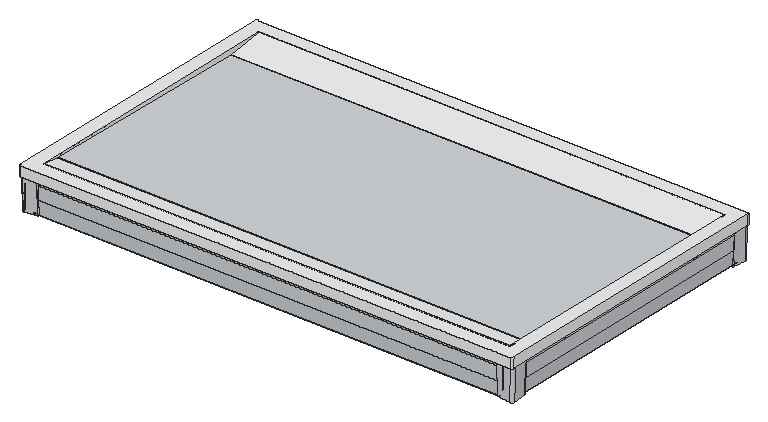
Revit family "WIA", category Plumbing Fixtures, Revit 2015
Parameters (values of type "900x1500")
  Water flow rate = 0.63 L/s
  Shower base = shower base : 900x1500
  Outlet pipe nominal diameter = 50 mm
  Model = "WIA"
  B = 1500 mm
  URL = "www.sanswiss.com"
  Type Comments = "ILA"
  Number of elements = 0
  Metal = Aluminum - Polished
  Manufacturer = "SanSwiss"
  A = 900 mm
  Glass = Glass
Types (10, lengths in mm): name | Shower base | B | A
  900x900 | shower base : 900x900 | 900 | 900
  800x900 | shower base : 800x900 | 900 | 800
  800x1200 | shower base : 800x1200 | 1200 | 800
  800x1000 | shower base : 800x1000 | 1000 | 800
  900x1400 | shower base : 900x1400 | 1400 | 900
  900x1200 | shower base : 900x1200 | 1200 | 900
  900x1000 | shower base : 900x1000 | 1000 | 900
  900x1600 | shower base : 900x1600 | 1600 | 900
  900x800 | shower base : 900x800 | 800 | 900
  900x1500 | shower base : 900x1500 | 1500 | 900
Reference planes
  plane 1 "Center (Front/Back)": y = 0
  plane 2: z = 0
  plane 3 "Center (Left/Right)": x = 0
  plane 4: x = 1500
  plane 5: y = 900
  plane 6: x = 750
  plane 7: y = 450
  plane 8: z = 101
  plane 9: x = 0.639
  plane 10: y = 897.06
  plane 11: x = 1499.361
  plane 12: y = 897.06
  plane 13: x = 0.639
  plane 14: y = 2.94
  plane 15: x = 1499.361
  plane 16: y = 2.94
  plane 17: x = 1448.47
  plane 18: y = 47.824
  plane 19: x = 51.53
  plane 20: y = 47.824
  plane 21: x = 1448.47
  plane 22: y = 852.176
  plane 23: x = 51.53
  plane 24: y = 852.176
  plane 25: y = 19.83
  plane 26: x = 1466.869
  plane 27: x = 31.869
  plane 28: x = 1466.869
  plane 29: x = 31.869
  plane 30: y = 866.869
  plane 31: y = 34.4
  plane 32: y = 866.869
  plane 33: y = 34.4
  plane 34: y = 888.4
  plane 35: y = 11.6
  plane 36: x = 1488.4
  plane 37: x = 888.4
  plane 38: y = 212.5
  plane 39: y = 709.595
  plane 40: x = 1494.464
  plane 41: x = 188.321
  plane 42: x = 1285.417
  plane 43: y = 6
  plane 44: y = 691.048
Forms (mm)
  Sweep 1, solid
    path origin (103.021, 52.906, 6) x (0, -1, 0) y (1, 0, 0)
      loop
        line (41.306, -71.152) -> (41.306, 1363.848)
    profile origin (749.369, 11.6, 6) x (0, 1, 0) y (0, 0, 1)
      loop
        spline (0.431, -0.006) -> (0.955, 0.054) -> (1.294, 0.212) -> (1.481, 0.439) -> (1.55, 0.702) -> (1.528, 0.971) -> (1.424, 1.215) -> (1.247, 1.405) -> (1.003, 1.51) -> (0.707, 1.52) -> (0.405, 1.52) -> (0.151, 1.623) -> (0, 1.939)
        line (0, 1.939) -> (-2.751, 29.579)
        arc (-2.751, 29.579) -> (-2.407, 31.877) -> (-3.101, 34.096) r 5.188
        line (-3.101, 34.096) -> (-4.562, 61.304)
        arc (-4.562, 61.304) -> (-4.122, 63.62) -> (-4.697, 65.906) r 5.47
        line (-4.697, 65.906) -> (-5.041, 92.482)
        spline (-5.041, 92.482) -> (-5.049, 92.653) -> (-5.052, 92.805) -> (-5.049, 92.939) -> (-5.039, 93.056) -> (-5.02, 93.157) -> (-4.993, 93.243) -> (-4.954, 93.315) -> (-4.903, 93.374) -> (-4.839, 93.42) -> (-4.761, 93.455) -> (-4.667, 93.479) -> (-4.556, 93.494)
        line (-4.556, 93.494) -> (-0.657, 93.494)
        arc (-0.657, 93.494) -> (3.714, 92.725) -> (8.066, 93.595) r 12.009
        arc (8.066, 93.595) -> (8.483, 94.577) -> (7.502, 94.994) r 0.754
        arc (7.502, 94.994) -> (3.521, 94.221) -> (-0.459, 94.994) r 10.643
        line (-0.459, 94.994) -> (-5.475, 94.994)
        arc (-5.475, 94.994) -> (-6.169, 94.707) -> (-6.456, 94.013) r 0.981
        line (-6.456, 94.013) -> (-6.456, 84.994) -> (-5.212, 43.292) -> (-1.491, 1.762)
        spline (-1.491, 1.762) -> (-1.454, 1.534) -> (-1.387, 1.312) -> (-1.293, 1.098) -> (-1.173, 0.895) -> (-1.031, 0.706) -> (-0.868, 0.533) -> (-0.686, 0.38) -> (-0.487, 0.248) -> (-0.274, 0.141) -> (-0.049, 0.061) -> (0.187, 0.011) -> (0.431, -0.006)
  Sweep 2, solid
    path origin (847.094, 3.021, 6) x (1, 0, 0) y (0, 1, 0)
      loop
        line (641.306, 31.379) -> (641.306, 863.848)
    profile origin (1488.4, 450.635, 6) x (-1, 0, 0) y (0, 0, 1)
      loop
        spline (0.431, -0.006) -> (0.955, 0.054) -> (1.294, 0.212) -> (1.481, 0.439) -> (1.55, 0.702) -> (1.528, 0.971) -> (1.424, 1.215) -> (1.247, 1.405) -> (1.003, 1.51) -> (0.707, 1.52) -> (0.405, 1.52) -> (0.151, 1.623) -> (0, 1.939)
        line (0, 1.939) -> (-2.751, 29.579)
        arc (-2.751, 29.579) -> (-2.407, 31.877) -> (-3.101, 34.096) r 5.188
        line (-3.101, 34.096) -> (-4.562, 61.304)
        arc (-4.562, 61.304) -> (-4.122, 63.62) -> (-4.697, 65.906) r 5.47
        line (-4.697, 65.906) -> (-5.041, 92.482)
        spline (-5.041, 92.482) -> (-5.049, 92.653) -> (-5.052, 92.805) -> (-5.049, 92.939) -> (-5.039, 93.056) -> (-5.02, 93.157) -> (-4.993, 93.243) -> (-4.954, 93.315) -> (-4.903, 93.374) -> (-4.839, 93.42) -> (-4.761, 93.455) -> (-4.667, 93.479) -> (-4.556, 93.494)
        line (-4.556, 93.494) -> (-0.657, 93.494)
        arc (-0.657, 93.494) -> (3.714, 92.725) -> (8.066, 93.595) r 12.009
        arc (8.066, 93.595) -> (8.483, 94.577) -> (7.502, 94.994) r 0.754
        arc (7.502, 94.994) -> (3.521, 94.221) -> (-0.459, 94.994) r 10.643
        line (-0.459, 94.994) -> (-5.475, 94.994)
        arc (-5.475, 94.994) -> (-6.169, 94.707) -> (-6.456, 94.013) r 0.981
        line (-6.456, 94.013) -> (-6.456, 84.994) -> (-5.212, 43.292) -> (-1.491, 1.762)
        spline (-1.491, 1.762) -> (-1.454, 1.534) -> (-1.387, 1.312) -> (-1.293, 1.098) -> (-1.173, 0.895) -> (-1.031, 0.706) -> (-0.868, 0.533) -> (-0.686, 0.38) -> (-0.487, 0.248) -> (-0.274, 0.141) -> (-0.049, 0.061) -> (0.187, 0.011) -> (0.431, -0.006)
  Sweep 3, solid
    path origin (52.906, 3.021, 6) x (1, 0, 0) y (0, 1, 0)
      loop
        line (-41.344, 31.379) -> (-41.344, 863.848)
    profile origin (11.562, 450.635, 6) x (-1, 0, 0) y (0, 0, 1)
      loop
        spline (-0.431, -0.006) -> (-0.187, 0.011) -> (0.049, 0.061) -> (0.274, 0.141) -> (0.487, 0.248) -> (0.686, 0.38) -> (0.868, 0.533) -> (1.031, 0.706) -> (1.173, 0.895) -> (1.293, 1.098) -> (1.387, 1.312) -> (1.454, 1.534) -> (1.491, 1.762)
        line (1.491, 1.762) -> (5.212, 43.292) -> (6.456, 84.994) -> (6.456, 94.013)
        arc (6.456, 94.013) -> (6.169, 94.707) -> (5.475, 94.994) r 0.981
        line (5.475, 94.994) -> (0.459, 94.994)
        arc (0.459, 94.994) -> (-3.521, 94.221) -> (-7.502, 94.994) r 10.643
        arc (-7.502, 94.994) -> (-8.483, 94.577) -> (-8.066, 93.595) r 0.754
        arc (-8.066, 93.595) -> (-3.714, 92.725) -> (0.657, 93.494) r 12.009
        line (0.657, 93.494) -> (4.556, 93.494)
        spline (4.556, 93.494) -> (4.667, 93.479) -> (4.761, 93.455) -> (4.839, 93.42) -> (4.903, 93.374) -> (4.954, 93.315) -> (4.993, 93.243) -> (5.02, 93.157) -> (5.039, 93.056) -> (5.049, 92.939) -> (5.052, 92.805) -> (5.049, 92.653) -> (5.041, 92.482)
        line (5.041, 92.482) -> (4.697, 65.906)
        arc (4.697, 65.906) -> (4.122, 63.62) -> (4.562, 61.304) r 5.47
        line (4.562, 61.304) -> (3.101, 34.096)
        arc (3.101, 34.096) -> (2.407, 31.877) -> (2.751, 29.579) r 5.188
        line (2.751, 29.579) -> (0, 1.939)
        spline (0, 1.939) -> (-0.151, 1.623) -> (-0.405, 1.52) -> (-0.707, 1.52) -> (-1.003, 1.51) -> (-1.247, 1.405) -> (-1.424, 1.215) -> (-1.528, 0.971) -> (-1.55, 0.702) -> (-1.481, 0.439) -> (-1.294, 0.212) -> (-0.955, 0.054) -> (-0.431, -0.006)
Dimensions and locks
  "A": plane 1 "Center (Front/Back)" to plane 5
  "B": plane 3 "Center (Left/Right)" to plane 4
  equal spacing: plane 3 "Center (Left/Right)", plane 6, plane 4
  equal spacing: plane 1 "Center (Front/Back)", plane 7, plane 5
  locked: plane 10 to plane 5 at 2.94
  locked: plane 3 "Center (Left/Right)" to plane 9 at 0.639
  locked: plane 12 to plane 5 at 2.94
  locked: plane 11 to plane 4 at 0.639
  locked: plane 3 "Center (Left/Right)" to plane 13 at 0.639
  locked: plane 1 "Center (Front/Back)" to plane 14 at 2.94
  locked: plane 1 "Center (Front/Back)" to plane 16 at 2.94
  locked: plane 15 to plane 4 at 0.639
  locked: plane 17 to plane 4 at 51.53
  locked: plane 1 "Center (Front/Back)" to plane 18 at 47.824
  locked: plane 19 to plane 3 "Center (Left/Right)" at 51.53
  locked: plane 1 "Center (Front/Back)" to plane 20 at 47.824
  locked: plane 21 to plane 4 at 51.53
  locked: plane 5 to plane 22 at 47.824
  locked: plane 23 to plane 3 "Center (Left/Right)" at 51.53
  locked: plane 5 to plane 24 at 47.824
  locked: plane 26 to plane 4 at 33.131
  locked: plane 3 "Center (Left/Right)" to plane 27 at 31.869
  locked: plane 28 to plane 4 at 33.131
  locked: plane 3 "Center (Left/Right)" to plane 29 at 31.869
  locked: plane 30 to plane 5 at 33.131
  locked: plane 1 "Center (Front/Back)" to plane 31 at 34.4
  locked: plane 32 to plane 5 at 33.131
  locked: plane 1 "Center (Front/Back)" to plane 33 at 34.4
  locked: plane 34 to plane 5 at 11.6
  locked: plane 1 "Center (Front/Back)" to plane 35 at 11.6
  locked: plane 36 to plane 4 at 11.6
  locked: plane 40 to plane 4 at 5.536
  locked: plane 5 to plane 39 at 190.405
  locked: plane 38 to plane 1 "Center (Front/Back)" at 212.5
  locked: plane 1 "Center (Front/Back)" to plane 43 at 6
  locked: plane 3 "Center (Left/Right)" to plane 41 at 188.321
  locked: plane 42 to plane 4 at 214.583
  locked: plane 44 to plane 5 at 208.952
  locked: nested 13 to plane 4 at 58.409
  locked: nested 12 to plane 4 at 58.409
  aligned and locked: level to plane 2
  aligned and locked: plane 3 "Center (Left/Right)" to nested 1
  aligned and locked: plane 1 "Center (Front/Back)" to nested 1
  aligned and locked: nested 1 to plane 8
  aligned and locked: plane 6 to nested 2
  aligned and locked: nested 2 to plane 7
  aligned and locked: plane 6 to nested 3
  aligned and locked: plane 9 to nested 4
  aligned and locked: plane 10 to nested 4
  aligned and locked: plane 11 to nested 5
  aligned and locked: nested 5 to plane 12
  aligned and locked: nested 6 to plane 14
  aligned and locked: nested 6 to plane 13
  aligned and locked: nested 7 to plane 15
  aligned and locked: nested 7 to plane 16
  aligned and locked: plane 17 to nested 8
  aligned and locked: plane 18 to nested 8
  aligned and locked: nested 9 to plane 19
  aligned and locked: nested 9 to plane 20
  aligned and locked: nested 10 to plane 21
  aligned and locked: plane 22 to nested 10
  aligned and locked: nested 11 to plane 23
  aligned and locked: nested 11 to plane 24
  aligned and locked: plane 29 to Sweep 1 sketch curve
  aligned and locked: plane 28 to Sweep 1 sketch curve
  aligned and locked: plane 31 to Sweep 2 sketch curve
  aligned and locked: plane 30 to Sweep 2 sketch curve
  aligned and locked: plane 33 to Sweep 3 sketch curve
  aligned and locked: plane 32 to Sweep 3 sketch curve
  aligned and locked: Sweep 1 sketch curve to plane 35
  aligned and locked: Sweep 2 sketch curve to plane 36
  aligned and locked: nested 13 to plane 38
  aligned and locked: nested 12 to plane 39
  aligned and locked: nested 15 to plane 41
  aligned and locked: plane 43 to nested 15
  aligned and locked: nested 14 to plane 42
  aligned and locked: plane 43 to nested 14
  aligned and locked: plane 44 to nested 3
Automatic sketch dimensions
  Sweep 1 sketch curve to profile plane = 0 mm
  profile plane to Sweep 1 sketch curve = 0.459 mm
  profile plane to Sweep 1 sketch curve = 0.657 mm
  profile plane to Sweep 1 sketch curve = 1.491 mm
  profile plane to Sweep 1 sketch curve = 2.751 mm
  profile plane to Sweep 1 sketch curve = 3.101 mm
  Sweep 1 sketch curve to Sweep 1 sketch curve = 3.899 mm
  profile plane to Sweep 1 sketch curve = 4.562 mm
  Sweep 1 sketch curve to Sweep 1 sketch curve = 0.135 mm
  Sweep 1 sketch curve to Sweep 1 sketch curve = 0.485 mm
  profile plane to Sweep 1 sketch curve = 5.212 mm
  Sweep 1 sketch curve to Sweep 1 sketch curve = 0.919 mm
  profile plane to Sweep 1 sketch curve = 6.456 mm
  Sweep 1 sketch curve to Sweep 1 sketch curve = 4.478 mm
  Sweep 1 sketch curve to Sweep 1 sketch curve = 4.892 mm
  Sweep 1 sketch curve to profile plane = 0.006 mm
  Sweep 1 sketch curve to profile plane = 0.431 mm
  Sweep 1 sketch curve to profile plane = 3.521 mm
  Sweep 1 sketch curve to Sweep 1 sketch curve = 0.053 mm
  Sweep 1 sketch curve to profile plane = 7.784 mm
  profile plane to Sweep 1 sketch curve = 1.762 mm
  Sweep 1 sketch curve to Sweep 1 sketch curve = 0.177 mm
  Sweep 1 sketch curve to Sweep 1 sketch curve = 27.64 mm
  Sweep 1 sketch curve to Sweep 1 sketch curve = 1.898 mm
  Sweep 1 sketch curve to Sweep 1 sketch curve = 9.196 mm
  Sweep 1 sketch curve to Sweep 1 sketch curve = 18.012 mm
  Sweep 1 sketch curve to Sweep 1 sketch curve = 2.155 mm
  Sweep 1 sketch curve to Sweep 1 sketch curve = 19.088 mm
  Sweep 1 sketch curve to Sweep 1 sketch curve = 7.488 mm
  Sweep 1 sketch curve to Sweep 1 sketch curve = 1.012 mm
  Sweep 1 sketch curve to Sweep 1 sketch curve = 0.519 mm
  Sweep 1 sketch curve to Sweep 1 sketch curve = 0.699 mm
  Sweep 1 sketch curve to Sweep 1 sketch curve = 9.739 mm
  Sweep 1 sketch curve to Sweep 1 sketch curve = 0.132 mm
  Sweep 1 sketch curve to Sweep 1 sketch curve = 0 mm
  Sweep 2 sketch curve to profile plane = 0 mm
  profile plane to Sweep 2 sketch curve = 0.459 mm
  profile plane to Sweep 2 sketch curve = 0.657 mm
  profile plane to Sweep 2 sketch curve = 1.491 mm
  profile plane to Sweep 2 sketch curve = 2.751 mm
  profile plane to Sweep 2 sketch curve = 3.101 mm
  Sweep 2 sketch curve to Sweep 2 sketch curve = 3.899 mm
  profile plane to Sweep 2 sketch curve = 4.562 mm
  Sweep 2 sketch curve to Sweep 2 sketch curve = 0.135 mm
  Sweep 2 sketch curve to Sweep 2 sketch curve = 0.485 mm
  profile plane to Sweep 2 sketch curve = 5.212 mm
  Sweep 2 sketch curve to Sweep 2 sketch curve = 0.919 mm
  profile plane to Sweep 2 sketch curve = 6.456 mm
  Sweep 2 sketch curve to Sweep 2 sketch curve = 4.478 mm
  Sweep 2 sketch curve to Sweep 2 sketch curve = 4.892 mm
  Sweep 2 sketch curve to profile plane = 0.006 mm
  Sweep 2 sketch curve to profile plane = 0.431 mm
  Sweep 2 sketch curve to profile plane = 3.521 mm
  Sweep 2 sketch curve to Sweep 2 sketch curve = 0.053 mm
  Sweep 2 sketch curve to profile plane = 7.784 mm
  profile plane to Sweep 2 sketch curve = 1.762 mm
  Sweep 2 sketch curve to Sweep 2 sketch curve = 0.177 mm
  Sweep 2 sketch curve to Sweep 2 sketch curve = 27.64 mm
  Sweep 2 sketch curve to Sweep 2 sketch curve = 1.898 mm
  Sweep 2 sketch curve to Sweep 2 sketch curve = 9.196 mm
  Sweep 2 sketch curve to Sweep 2 sketch curve = 18.012 mm
  Sweep 2 sketch curve to Sweep 2 sketch curve = 2.155 mm
  Sweep 2 sketch curve to Sweep 2 sketch curve = 19.088 mm
  Sweep 2 sketch curve to Sweep 2 sketch curve = 7.488 mm
  Sweep 2 sketch curve to Sweep 2 sketch curve = 1.012 mm
  Sweep 2 sketch curve to Sweep 2 sketch curve = 0.519 mm
  Sweep 2 sketch curve to Sweep 2 sketch curve = 0.699 mm
  Sweep 2 sketch curve to Sweep 2 sketch curve = 9.739 mm
  Sweep 2 sketch curve to Sweep 2 sketch curve = 0.132 mm
  Sweep 2 sketch curve to Sweep 2 sketch curve = 0 mm
  Sweep 3 sketch curve to profile plane = 0 mm
  Sweep 3 sketch curve to profile plane = 0.006 mm
  profile plane to Sweep 3 sketch curve = 0.431 mm
  profile plane to Sweep 3 sketch curve = 3.521 mm
  Sweep 3 sketch curve to Sweep 3 sketch curve = 0.053 mm
  profile plane to Sweep 3 sketch curve = 7.784 mm
  Sweep 3 sketch curve to profile plane = 0.459 mm
  Sweep 3 sketch curve to profile plane = 0.657 mm
  Sweep 3 sketch curve to profile plane = 1.491 mm
  Sweep 3 sketch curve to profile plane = 2.751 mm
  Sweep 3 sketch curve to profile plane = 3.101 mm
  Sweep 3 sketch curve to Sweep 3 sketch curve = 3.899 mm
  Sweep 3 sketch curve to profile plane = 4.562 mm
  Sweep 3 sketch curve to Sweep 3 sketch curve = 0.135 mm
  Sweep 3 sketch curve to Sweep 3 sketch curve = 0.485 mm
  Sweep 3 sketch curve to profile plane = 5.212 mm
  Sweep 3 sketch curve to Sweep 3 sketch curve = 0.919 mm
  Sweep 3 sketch curve to Sweep 3 sketch curve = 0.981 mm
  Sweep 3 sketch curve to Sweep 3 sketch curve = 4.478 mm
  Sweep 3 sketch curve to Sweep 3 sketch curve = 4.892 mm
  profile plane to Sweep 3 sketch curve = 1.762 mm
  Sweep 3 sketch curve to Sweep 3 sketch curve = 0.177 mm
  Sweep 3 sketch curve to Sweep 3 sketch curve = 27.64 mm
  Sweep 3 sketch curve to Sweep 3 sketch curve = 1.898 mm
  Sweep 3 sketch curve to Sweep 3 sketch curve = 9.196 mm
  Sweep 3 sketch curve to Sweep 3 sketch curve = 18.012 mm
  Sweep 3 sketch curve to Sweep 3 sketch curve = 2.155 mm
  Sweep 3 sketch curve to Sweep 3 sketch curve = 19.088 mm
  Sweep 3 sketch curve to Sweep 3 sketch curve = 7.488 mm
  Sweep 3 sketch curve to Sweep 3 sketch curve = 1.012 mm
  Sweep 3 sketch curve to Sweep 3 sketch curve = 0.519 mm
  Sweep 3 sketch curve to Sweep 3 sketch curve = 0.699 mm
  Sweep 3 sketch curve to Sweep 3 sketch curve = 9.739 mm
  Sweep 3 sketch curve to Sweep 3 sketch curve = 0.132 mm
  Sweep 3 sketch curve to Sweep 3 sketch curve = 0 mm
  Sweep 3 sketch curve to plane 9 = 10.923 mm
Nested families
  nested 1: "shower base" at (0, 0, 101), type <- "Shower base", type "900x1500"
  nested 2: "ILA_leg" at (750, 450, 0), type "ILA_leg"
  nested 3: "Syfon" at (750, 691.048, 66.241), type "Syfon"
  nested 4: "Corner" at (0.639, 897.06, 101), type "Corner"
  nested 5: "Corner" at (1499.361, 897.06, 101) x (-1, 0, 0) z (0, 0, 1), type "Corner"
  nested 6: "Corner" at (0.639, 2.94, 101), type "Corner"
  nested 7: "Corner" at (1499.361, 2.94, 101) x (-1, 0, 0) z (0, 0, 1), type "Corner"
  nested 8: "ILA_leg_45" at (1448.47, 47.824, 0), type "ILA_leg_45"
  nested 9: "ILA_leg_45" at (51.53, 47.824, 0) x (-1, 0, 0) z (0, 0, 1), type "ILA_leg_45"
  nested 10: "ILA_leg_45" at (1448.47, 852.176, 0), type "ILA_leg_45"
  nested 11: "ILA_leg_45" at (51.53, 852.176, 0) x (-1, 0, 0) z (0, 0, 1), type "ILA_leg_45"
  nested 12: "Hook" at (1441.591, 684.595, 101), type "Hook"
  nested 13: "Hook" at (1441.591, 187.5, 101), type "Hook"
  nested 14: "Hook" at (1285.417, 58.687, 101) x (0, -1, 0) z (0, 0, 1), type "Hook"
  nested 15: "Hook" at (188.321, 58.687, 101) x (0, -1, 0) z (0, 0, 1), type "Hook"
Connectors
  piping at (750, 691.048, 49.861), diameter 50, driven by "Water flow rate", driven by "Outlet pipe nominal diameter"
    settings: on nested 3, index 1, connector inside diameter 609.6 mm, connector length 0 mm, flow factor 0, pipe flow 0.63 L/s, pressure drop 0.0 Pa, fitting loss kfactor 0, connector angle 0.00°, fixture units 0, engagement length 0 mm, angle of deflection 0.00°, flow configuration 1, flow direction 2, fitting loss method 0, system type 16, joint type 0, gender type 0, connector reference index -1, connector utility 0, adjustable connector yes, is connector primary yes, connector description ""
Definition of nested family "shower base"
  Parameters (values of type "900x1500")
    Model = ""
    B = 1500 mm
    URL = "www.sanswiss.com"
    Type Comments = "ILA"
    Number of elements = 0
    Metal = none
    Manufacturer = "SanSwiss"
    A = 900 mm
    Glass = none
    Base Height = 30 mm
    Conglomerate = none
  Types (10, lengths in mm): name | Model | B | Type Comments | A | Base Height
    900x900 | "shower base" | 900 | "CONCEPT OPTIMA" | 900 | 35
    800x900 | "" | 900 | "ILA" | 800 | 30
    800x1200 | "shower base" | 1200 | "CONCEPT OPTIMA" | 800 | 35
    800x1000 | "shower base" | 1000 | "CONCEPT OPTIMA" | 800 | 35
    900x1400 | "shower base" | 1400 | "CONCEPT OPTIMA" | 900 | 35
    900x1200 | "shower base" | 1200 | "CONCEPT OPTIMA" | 900 | 35
    900x1000 | "shower base" | 1000 | "CONCEPT OPTIMA" | 900 | 35
    900x1600 | "shower base" | 1600 | "CONCEPT OPTIMA" | 900 | 35
    900x800 | "shower base" | 800 | "CONCEPT OPTIMA" | 900 | 35
    900x1500 | "" | 1500 | "ILA" | 900 | 30
  Reference planes
    plane 1 "Center (Front/Back)": y = 0
    plane 2: z = 0
    plane 3 "Center (Left/Right)": x = 0
    plane 4: x = 1500
    plane 5: y = 900
    plane 6: x = 41
    plane 7: x = 1459
    plane 8: y = 859
    plane 9: y = 41
    plane 10: y = 90.922
    plane 11: y = 752.047
    plane 12: z = 25
    plane 13: z = 15
  Forms (mm)
    Sweep 1, solid, material <- "Metal"
      path origin (0, 0, 0) x (1, 0, 0) y (0, 0, 1)
        loop
          line (0, 0) -> (0, 30)
      profile origin (0, 0, 15) x (-1, 0, 0) y (0, -1, 0)
        loop
          line (-1495.003, -900) -> (-4.997, -900)
          arc (-4.997, -900) -> (-1.464, -898.536) -> (0, -895.003) r 4.997
          line (0, -895.003) -> (0, -4.997)
          arc (0, -4.997) -> (-1.464, -1.464) -> (-4.997, 0) r 4.997
          line (-4.997, 0) -> (-1495.411, 0)
          arc (-1495.411, 0) -> (-1498.678, -1.599) -> (-1500, -4.988) r 5.005
          line (-1500, -4.988) -> (-1500, -895.003)
          arc (-1500, -895.003) -> (-1498.536, -898.536) -> (-1495.003, -900) r 4.997
    Sweep 2, void
      path origin (0, 0, 0) x (1, 0, 0) y (0, 0, 1)
        loop
          line (41, 85) -> (41, 5)
      profile origin (41, 0, 45) x (0, -1, 0) y (1, 0, 0)
        loop
          line (-859, 0) -> (-41, 0) -> (-41, 1418) -> (-859, 1418) -> (-859, 0)
    Extrusion 3, solid, material <- "Metal"
      sketch origin (0, 0, 0) x (0, 1, 0) y (0, 0, 1)
        loop
          line (41, 30) -> (41, 5) -> (90.922, 5) -> (90.922, 25) -> (41, 30)
      from 41 to 1459
    Sweep 4, solid, material <- "Metal"
      path origin (0, 0, 1000.61) x (-1, 0, 0) y (0, -1, 0)
        loop
          line (-41, -752.047) -> (-1459, -752.047)
      profile origin (750, 752.047, 1000.61) x (0, 1, 0) y (0, 0, 1)
        loop
          line (0, -985.61) -> (0, -995.61) -> (105, -995.61) -> (105, -970.61) -> (0, -985.61)
    SweptBlend 5, solid, material <- "Conglomerate"
      path origin (0, 0, 1000.61) x (-1, 0, 0) y (0, -1, 0)
        loop
          line (-41, -752.047) -> (-41, -90.922)
      profile origin (41, 752.047, 1000.61) x (1, 0, 0) y (0, 0, 1)
        loop
          line (0, -985.61) -> (0, -1000.61) -> (1418, -1000.61) -> (1418, -985.61) -> (0, -985.61)
      end profile origin (41, 90.922, 1000.61) x (1, 0, 0) y (0, 0, 1)
        loop
          line (0, -975.61) -> (0, -1000.61) -> (1418, -1000.61) -> (1418, -975.61) -> (0, -975.61)
  Cuts and joins
    Sweep 2 cuts Sweep 1
  Dimensions and locks
    locked: plane 3 "Center (Left/Right)" to plane 6 at 41
    locked: plane 7 to plane 4 at 41
    locked: plane 1 "Center (Front/Back)" to plane 9 at 41
    locked: plane 8 to plane 5 at 41
    locked: plane 1 "Center (Front/Back)" to plane 10 at 90.922
    locked: plane 11 to plane 5 at 147.953
    plane 12 to level = 25 mm
    plane 13 to level = 15 mm
    "B": plane 3 "Center (Left/Right)" to plane 4
    "A": plane 1 "Center (Front/Back)" to plane 5
    "Base Height": Sweep 1 sketch curve to Sweep 1 sketch curve
    aligned and locked: level to plane 2
    aligned and locked: plane 4 to Sweep 1 sketch curve
    aligned and locked: plane 3 "Center (Left/Right)" to Sweep 1 sketch curve
    aligned and locked: Sweep 1 sketch curve to plane 5
    aligned and locked: Sweep 1 sketch curve to plane 1 "Center (Front/Back)"
    aligned and locked: Sweep 2 sketch curve to plane 7
    aligned and locked: Sweep 2 sketch curve to plane 8
    aligned and locked: plane 9 to Sweep 2 sketch curve
    aligned and locked: Sweep 2 sketch curve to plane 6
    aligned and locked: plane 7 to Extrusion 3
    aligned and locked: plane 6 to Extrusion 3
    aligned and locked: SweptBlend 5 sketch curve to plane 12
    aligned and locked: SweptBlend 5 sketch curve to plane 6  (x2)
    aligned and locked: level to SweptBlend 5 sketch curve  (x2)
    aligned and locked: SweptBlend 5 sketch curve to plane 7  (x2)
    aligned and locked: SweptBlend 5 sketch curve to plane 13
    aligned and locked: plane 11 to SweptBlend 5 sketch curve
    aligned and locked: plane 10 to SweptBlend 5 sketch curve
  Automatic sketch dimensions
    Sweep 1 sketch curve to Sweep 1 sketch curve = 4.589 mm
    Sweep 1 sketch curve to Sweep 1 sketch curve = 4.997 mm
    Sweep 1 sketch curve to plane 1 "Center (Front/Back)" = 4.988 mm
    Sweep 1 sketch curve to plane 1 "Center (Front/Back)" = 4.997 mm
    profile plane to Sweep 1 sketch curve = 4.997 mm
    Extrusion 3 sketch curve to plane 9 = 0 mm
    Extrusion 3 sketch curve to plane 10 = 0 mm
    Extrusion 3 sketch curve to plane 12 = 0 mm
    level to Extrusion 3 sketch curve = 5 mm
    plane 12 to Extrusion 3 sketch curve = 5 mm
    Sweep 4 sketch curve to plane 7 = 0 mm
    Sweep 4 sketch curve to plane 6 = 0 mm
    plane 11 to Sweep 4 sketch curve = 0 mm
    Sweep 4 sketch curve to profile plane = 0 mm
    Sweep 4 sketch curve to profile plane = 105 mm
    Sweep 4 sketch curve to profile plane = 995.61 mm
    Sweep 4 sketch curve to Sweep 4 sketch curve = 10 mm
    Sweep 4 sketch curve to Sweep 4 sketch curve = 25 mm
    SweptBlend 5 sketch curve to plane 6 = 0 mm
    plane 6 to Sweep 2 sketch curve = 0 mm
    level to Sweep 2 sketch curve = 5 mm
    plane 12 to Sweep 2 sketch curve = 60 mm
    Sweep 1 sketch curve to plane 3 "Center (Left/Right)" = 0 mm
    Sweep 1 sketch curve to level = 0 mm
Definition of nested family "ILA_leg"
  Reference planes
    plane 1 "Center (Front/Back)": y = 0
    plane 2: z = 0
    plane 3 "Center (Left/Right)": x = 0
  Forms (mm)
    Revolve 1, solid
      sketch origin (0, 0, 0) x (1, 0, 0) y (0, 0, 1)
        loop
          line (0, 5) -> (0, 0) -> (24.075, 0) -> (24.075, 2.016)
          arc (24.075, 2.016) -> (18.62, 3.928) -> (12.939, 5) r 38.471
          line (12.939, 5) -> (0, 5)
        axis (0, 0) -> (0, 5)
      angle from 0 to 360
    Extrusion 2, solid
      sketch origin (0, 0, 0) x (1, 0, 0) y (0, 1, 0)
        loop
          line (10.478, 6) -> (0.085, 12) -> (-10.307, 6) -> (-10.307, -6) -> (0.085, -12) -> (10.478, -6) -> (10.478, 6)
      from 5 to 15
    Extrusion 3, solid
      sketch origin (0, 0, 0) x (1, 0, 0) y (0, 1, 0)
        loop
          circle (0, 0) r 5
      from 0 to 45.6
    Extrusion 4, solid
      sketch origin (0, 0, 0) x (1, 0, 0) y (0, 1, 0)
        loop
          line (0.085, 9.691) -> (-8.307, 4.845) -> (-8.307, -4.845) -> (0.085, -9.691) -> (8.478, -4.845) -> (8.478, 4.845) -> (0.085, 9.691)
      from 45.6 to 54
    Extrusion 5, solid
      sketch origin (0, 0, 0) x (1, 0, 0) y (0, 1, 0)
        loop
          line (-10.324, 11.469) -> (-11.384, 10.409) -> (-6.781, 5.805)
          arc (-6.781, 5.805) -> (-8.963, 0) -> (-6.781, -5.805) r 8.813
          line (-6.781, -5.805) -> (-11.384, -10.409) -> (-10.324, -11.469) -> (-5.731, -6.877)
          arc (-5.731, -6.877) -> (0.085, -8.996) -> (5.902, -6.877) r 9.043
          line (5.902, -6.877) -> (10.494, -11.469) -> (11.555, -10.409) -> (6.966, -5.82)
          arc (6.966, -5.82) -> (9.114, 0) -> (6.966, 5.82) r 8.961
          line (6.966, 5.82) -> (11.555, 10.409) -> (10.494, 11.469) -> (5.875, 6.85)
          arc (5.875, 6.85) -> (0.085, 8.987) -> (-5.704, 6.85) r 8.911
          line (-5.704, 6.85) -> (-10.324, 11.469)
      from 54 to 97
    Extrusion 6, solid
      sketch origin (0, 0, 0) x (1, 0, 0) y (0, 1, 0)
        loop
          line (26.085, 11.5) -> (-25.915, 11.5)
          arc (-25.915, 11.5) -> (-37.415, 0) -> (-25.915, -11.5) r 11.5
          line (-25.915, -11.5) -> (26.085, -11.5)
          arc (26.085, -11.5) -> (37.585, 0) -> (26.085, 11.5) r 11.5
        loop
          circle (-24.932, 0) r 4.5
        loop
          circle (25.119, 0) r 4.5
      from 97 to 101
    Revolve 7, solid
      sketch origin (0, 0, 0) x (1, 0, 0) y (0, 0, 1)
        loop
          line (25.085, 109) -> (25.085, 92.383)
          arc (25.085, 92.383) -> (28.5, 93) -> (31.029, 95.375) r 6.114
          line (31.029, 95.375) -> (31.085, 97) -> (28.085, 97) -> (28.085, 109) -> (25.085, 109)
        axis (25.085, 109) -> (25.085, 92.383)
      angle from 0 to 360
    Revolve 8, solid
      sketch origin (0, 0, 0) x (-1, 0, 0) y (0, 0, 1)
        loop
          line (25.085, 109) -> (25.085, 92.383)
          arc (25.085, 92.383) -> (28.5, 93) -> (31.029, 95.375) r 6.114
          line (31.029, 95.375) -> (31.085, 97) -> (28.085, 97) -> (28.085, 109) -> (25.085, 109)
        axis (25.085, 109) -> (25.085, 92.383)
      angle from 0 to 360
  Dimensions and locks
    aligned and locked: level to plane 2
Definition of nested family "Syfon"
  Reference planes
    plane 1 "Center (Front/Back)": y = 0
    plane 2: z = 34.759
    plane 3 "Center (Left/Right)": x = 0
  Forms (mm)
    Extrusion 1, solid
      sketch origin (0.004, 0, 15.259) x (1, 0, 0) y (0, 0, 1)
        loop
          circle (-0.004, -31.639) r 25
      from -98.5 to 0
    SweptBlend 2, solid
      path origin (447.504, -590, 34.759) x (-1, 0, 0) y (0, 1, 0)
        loop
          line (409.878, 690) -> (326.55, 690)
      profile origin (37.626, 100, 34.759) x (0, 1, 0) y (0, 0, 1)
        loop
          line (35.888, -78.955) -> (38.899, -21.5) -> (-38.899, -21.5) -> (-35.918, -78.381)
          arc (-35.918, -78.381) -> (-33.365, -83.951) -> (-27.689, -86.258) r 8.313
          line (-27.689, -86.258) -> (0, -86.5) -> (28.264, -86.253)
          arc (28.264, -86.253) -> (33.522, -84.115) -> (35.888, -78.955) r 7.702
      end profile origin (120.953, 100, 34.759) x (0, 1, 0) y (0, 0, 1)
        loop
          line (35.884, -79.024) -> (38.899, -21.5) -> (-38.899, -21.5) -> (-35.94, -77.956)
          arc (-35.94, -77.956) -> (-33.204, -83.891) -> (-27.133, -86.313) r 8.819
          line (-27.133, -86.313) -> (28.203, -86.313)
          arc (28.203, -86.313) -> (33.497, -84.201) -> (35.884, -79.024) r 7.691
    Extrusion 3, solid
      sketch origin (-62.81, 101, -51.741) x (0, 0.017452, 0.999848) y (1, 0, 0)
        loop
          line (65.714, 100.928) -> (59.155, 99.619)
          arc (59.155, 99.619) -> (59.042, 98.929) -> (58.508, 98.477) r 1.011
          line (58.508, 98.477) -> (26.951, 86.998)
          arc (26.951, 86.998) -> (14.602, 77.48) -> (10.017, 62.578) r 25.732
          arc (10.017, 62.578) -> (14.739, 47.955) -> (26.951, 38.628) r 25.741
          line (26.951, 38.628) -> (58.508, 27.15)
          arc (58.508, 27.15) -> (59.043, 26.696) -> (59.153, 26.003) r 1.01
          line (59.153, 26.003) -> (65.714, 24.727) -> (65.714, 100.928)
      from -8.813 to 65.172
    Extrusion 4, solid
      sketch origin (-62.81, 101, -51.741) x (0, 0.017452, 0.999848) y (1, 0, 0)
        loop
          line (0.009, 125.387) -> (0.009, 0.238)
          arc (0.009, 0.238) -> (4.102, 11.482) -> (14.465, 17.463) r 17.491
          line (14.465, 17.463) -> (62.462, 25.22) -> (58.481, 26.001)
          arc (58.481, 26.001) -> (58.312, 26.812) -> (57.601, 27.235) r 1.029
          line (57.601, 27.235) -> (26.372, 38.709)
          arc (26.372, 38.709) -> (14.557, 48.098) -> (9.926, 62.462) r 26.063
          arc (9.926, 62.462) -> (14.307, 77.338) -> (26.409, 87.033) r 25.86
          line (26.409, 87.033) -> (57.984, 98.518)
          arc (57.984, 98.518) -> (58.414, 98.979) -> (58.487, 99.605) r 1.009
          line (58.487, 99.605) -> (62.492, 100.436) -> (14.463, 108.164)
          arc (14.463, 108.164) -> (4.101, 114.144) -> (0.009, 125.387) r 17.488
      from -3.418 to 0
    Extrusion 5, void
      sketch origin (43.688, 138.392, 3.596) x (0, 0.544639, 0.838671) y (1, 0, 0)
        loop
          line (33.348, -89.96) -> (33.348, 2.594) -> (-40.176, -19.884)
          arc (-40.176, -19.884) -> (-53.37, -28.842) -> (-59.208, -43.683) r 27.004
          arc (-59.208, -43.683) -> (-53.37, -58.524) -> (-40.176, -67.482) r 27.004
          line (-40.176, -67.482) -> (33.348, -89.96)
      from 0 to 80.815
    SweptBlend 6, solid
      path origin (-447.467, -590, 34.759) x (1, 0, 0) y (0, 1, 0)
        loop
          line (409.878, 690) -> (326.55, 690)
      profile origin (-37.589, 100, 34.759) x (0, -1, 0) y (0, 0, 1)
        loop
          arc (-35.888, -78.955) -> (-33.522, -84.115) -> (-28.264, -86.253) r 7.702
          line (-28.264, -86.253) -> (0, -86.5) -> (27.689, -86.258)
          arc (27.689, -86.258) -> (33.365, -83.951) -> (35.918, -78.381) r 8.313
          line (35.918, -78.381) -> (38.899, -21.5) -> (-38.899, -21.5) -> (-35.888, -78.955)
      end profile origin (-120.917, 100, 34.759) x (0, -1, 0) y (0, 0, 1)
        loop
          arc (-35.884, -79.024) -> (-33.497, -84.201) -> (-28.203, -86.313) r 7.691
          line (-28.203, -86.313) -> (27.133, -86.313)
          arc (27.133, -86.313) -> (33.204, -83.891) -> (35.94, -77.956) r 8.819
          line (35.94, -77.956) -> (38.899, -21.5) -> (-38.899, -21.5) -> (-35.884, -79.024)
    Extrusion 7, void
      sketch origin (0.033, 145.935, 22.509) x (-1, 0, 0) y (0, 0.017452, 0.999848)
        loop
          line (120.95, -9.087) -> (112.304, -60.581)
          arc (112.304, -60.581) -> (106.031, -70.364) -> (95.112, -74.342) r 18.165
          line (95.112, -74.342) -> (95.112, -87.367) -> (120.95, -87.367) -> (120.95, -9.087)
      from -98.891 to 33.944
    Extrusion 8, void
      sketch origin (0.033, 54.065, 22.509) x (-1, 0, 0) y (0, 0.017452, -0.999848)
        loop
          line (37.622, 87.276) -> (37.622, 14.257) -> (45.614, 59.755)
          arc (45.614, 59.755) -> (51.519, 69.982) -> (62.622, 74.005) r 17.231
          line (62.622, 74.005) -> (62.622, 87.276) -> (37.622, 87.276)
      from -42.216 to 24.232
    Extrusion 9, solid
      sketch origin (0.004, 100, 31.259) x (-1, 0, 0) y (0, -1, 0)
        loop
          line (-108.045, -45.913) -> (108.096, -45.913)
          arc (108.096, -45.913) -> (123.523, -39.523) -> (129.913, -24.096) r 21.816
          line (129.913, -24.096) -> (129.913, 24.224)
          arc (129.913, 24.224) -> (123.56, 39.56) -> (108.224, 45.913) r 21.688
          line (108.224, 45.913) -> (-108.179, 45.913)
          arc (-108.179, 45.913) -> (-123.547, 39.547) -> (-129.913, 24.179) r 21.733
          line (-129.913, 24.179) -> (-129.913, -24.045)
          arc (-129.913, -24.045) -> (-123.508, -39.508) -> (-108.045, -45.913) r 21.867
      from -12.5 to 0.426
    Extrusion 10, solid
      sketch origin (0.004, 100, 31.259) x (-1, 0, 0) y (0, -1, 0)
        loop
          line (108.131, 44.131) -> (-108.131, 44.131)
          arc (-108.131, 44.131) -> (-122.273, 38.273) -> (-128.131, 24.131) r 20
          line (-128.131, 24.131) -> (-128.131, -24.131)
          arc (-128.131, -24.131) -> (-122.273, -38.273) -> (-108.131, -44.131) r 20
          line (-108.131, -44.131) -> (108.131, -44.131)
          arc (108.131, -44.131) -> (122.273, -38.273) -> (128.131, -24.131) r 20
          line (128.131, -24.131) -> (128.131, 24.131)
          arc (128.131, 24.131) -> (122.273, 38.273) -> (108.131, 44.131) r 20
      from -18 to -12.5
    Extrusion 11, void
      sketch origin (0.033, 145.935, 22.509) x (-1, 0, 0) y (0, 0.017452, 0.999848)
        loop
          line (37.622, -87.276) -> (62.622, -87.276) -> (62.622, -74.005)
          arc (62.622, -74.005) -> (51.519, -69.982) -> (45.614, -59.755) r 17.231
          line (45.614, -59.755) -> (37.622, -14.257) -> (37.622, -87.276)
      from -42.216 to 24.232
    Extrusion 12, void
      sketch origin (-0.033, 145.935, 22.509) x (1, 0, 0) y (0, -0.017452, -0.999848)
        loop
          line (129.949, -44.514) -> (129.949, 87.367) -> (95.112, 87.367) -> (95.112, 74.342)
          arc (95.112, 74.342) -> (106.031, 70.364) -> (112.304, 60.581) r 18.165
          line (112.304, 60.581) -> (129.949, -44.514)
      from -98.891 to 33.944
    Extrusion 13, void
      sketch origin (-0.033, 54.065, 22.509) x (1, 0, 0) y (0, -0.017452, 0.999848)
        loop
          line (37.659, -87.276) -> (62.622, -87.276) -> (62.622, -74.005)
          arc (62.622, -74.005) -> (51.519, -69.982) -> (45.614, -59.755) r 17.231
          line (45.614, -59.755) -> (37.659, -14.466) -> (37.659, -87.276)
      from -42.216 to 24.232
    Extrusion 14, void
      sketch origin (-0.033, 145.935, 22.509) x (1, 0, 0) y (0, -0.017452, -0.999848)
        loop
          line (37.659, 87.276) -> (37.659, 14.466) -> (45.614, 59.755)
          arc (45.614, 59.755) -> (51.519, 69.982) -> (62.622, 74.005) r 17.231
          line (62.622, 74.005) -> (62.622, 87.276) -> (37.659, 87.276)
      from -42.216 to 24.232
    Extrusion 15, solid
      sketch origin (-447.496, -590, 34.759) x (1, 0, 0) y (0, 1, 0)
        loop
          line (555.17, 734.131) -> (339.919, 734.131)
          arc (339.919, 734.131) -> (325.388, 728.112) -> (319.369, 713.581) r 20.55
          line (319.369, 713.581) -> (319.369, 666.237)
          arc (319.369, 666.237) -> (325.372, 651.744) -> (339.865, 645.741) r 20.496
          line (339.865, 645.741) -> (555.111, 645.741)
          arc (555.111, 645.741) -> (569.621, 651.751) -> (575.631, 666.261) r 20.52
          line (575.631, 666.261) -> (575.631, 713.67)
          arc (575.631, 713.67) -> (569.638, 728.138) -> (555.17, 734.131) r 20.461
      from -3.074 to 0
  Cuts and joins
    Extrusion 7, Extrusion 8, Extrusion 12, Extrusion 13, Extrusion 14 cuts SweptBlend 2
    Extrusion 5 cuts Extrusion 3
    Extrusion 7, Extrusion 8, Extrusion 11, Extrusion 13, Extrusion 14 cuts SweptBlend 6
  Dimensions and locks
    aligned and locked: level to plane 2
Definition of nested family "Corner"
  Reference planes
    plane 1 "Center (Front/Back)": y = 0
    plane 2: z = 0
    plane 3 "Center (Left/Right)": x = 0
  Forms (mm)
    SweptBlend 1, solid
      path origin (50, 0, -10) x (0, 0, 1) y (1, 0, 0)
        loop
          line (10, -30.042) -> (-85, -30.042)
      profile origin (19.958, 0, 0) x (0, 1, 0) y (-1, 0, 0)
        loop
          line (-8.577, -0.136) -> (-8.577, -3.994) -> (-12.464, -9.309) -> (-12.464, -29.042) -> (-12.196, -30.042) -> (-10.45, -30.042) -> (-10.45, -10.042) -> (-7.176, -10.042) -> (-7.176, -29.042) -> (-7.056, -30.042) -> (-1, -30.042)
          arc (-1, -30.042) -> (-0.318, -29.759) -> (0, -29.077) r 0.965
          line (0, -29.077) -> (0, 11.98)
          arc (0, 11.98) -> (-2.337, 17.621) -> (-7.978, 19.958) r 7.978
          line (-7.978, 19.958) -> (-49.035, 19.923)
          arc (-49.035, 19.923) -> (-49.717, 19.64) -> (-50, 18.958) r 0.965
          line (-50, 18.958) -> (-50, 12.901) -> (-49, 12.782) -> (-30, 12.782) -> (-30, 9.508) -> (-50, 9.508) -> (-50, 7.762) -> (-49, 7.494) -> (-29.267, 7.494) -> (-23.952, 11.381) -> (-20.093, 11.381) -> (-9.031, 12.578)
          arc (-9.031, 12.578) -> (-7.81, 12.148) -> (-7.38, 10.927) r 1.498
          line (-7.38, 10.927) -> (-8.577, -0.136)
      end profile origin (19.958, 0, -95) x (0, 1, 0) y (-1, 0, 0)
        loop
          line (-8.577, -0.136) -> (-8.577, -3.994) -> (-12.464, -9.309) -> (-12.464, -29.042) -> (-12.196, -30.042) -> (-10.45, -30.042) -> (-10.45, -10.042) -> (-7.176, -10.042) -> (-7.176, -29.042) -> (-7.056, -30.042) -> (-5.929, -30.042)
          arc (-5.929, -30.042) -> (-5.282, -29.793) -> (-4.969, -29.174) r 0.965
          line (-4.969, -29.174) -> (-0.98, 10.249)
          arc (-0.98, 10.249) -> (-3.273, 16.685) -> (-9.709, 18.978) r 7.967
          line (-9.709, 18.978) -> (-49.132, 14.989)
          arc (-49.132, 14.989) -> (-49.751, 14.676) -> (-50, 14.029) r 0.965
          line (-50, 14.029) -> (-50, 12.901) -> (-49, 12.782) -> (-30, 12.782) -> (-30, 9.508) -> (-50, 9.508) -> (-50, 7.762) -> (-49, 7.494) -> (-29.267, 7.494) -> (-23.952, 11.381) -> (-20.093, 11.381) -> (-9.031, 12.578)
          arc (-9.031, 12.578) -> (-7.81, 12.148) -> (-7.38, 10.927) r 1.498
          line (-7.38, 10.927) -> (-8.577, -0.136)
  Dimensions and locks
    aligned and locked: level to plane 2
Definition of nested family "ILA_leg_45"
  Reference planes
    plane 1 "Center (Front/Back)": y = 0
    plane 2: z = 0
    plane 3 "Center (Left/Right)": x = 0
  Forms (mm)
    Revolve 1, solid
      sketch origin (0.025, -0.06, 0) x (0.707107, 0.707107, 0) y (0, 0, 1)
        loop
          line (0, 5) -> (0, 0) -> (24.075, 0) -> (24.075, 2.016)
          arc (24.075, 2.016) -> (18.62, 3.928) -> (12.939, 5) r 38.471
          line (12.939, 5) -> (0, 5)
        axis (0, 0) -> (0, 5)
      angle from 0 to 360
    Extrusion 2, solid
      sketch origin (0.025, -0.06, 0) x (0.707107, 0.707107, 0) y (-0.707107, 0.707107, 0)
        loop
          line (10.478, 6) -> (0.085, 12) -> (-10.307, 6) -> (-10.307, -6) -> (0.085, -12) -> (10.478, -6) -> (10.478, 6)
      from 5 to 15
    Extrusion 3, solid
      sketch origin (0.025, -0.06, 0) x (0.707107, 0.707107, 0) y (-0.707107, 0.707107, 0)
        loop
          circle (0, 0) r 5
      from 0 to 45.6
    Extrusion 4, solid
      sketch origin (0.025, -0.06, 0) x (0.707107, 0.707107, 0) y (-0.707107, 0.707107, 0)
        loop
          line (0.085, 9.691) -> (-8.307, 4.845) -> (-8.307, -4.845) -> (0.085, -9.691) -> (8.478, -4.845) -> (8.478, 4.845) -> (0.085, 9.691)
      from 45.6 to 54
    Extrusion 5, solid
      sketch origin (0.025, -0.06, 0) x (0.707107, 0.707107, 0) y (-0.707107, 0.707107, 0)
        loop
          line (-10.324, 11.469) -> (-11.384, 10.409) -> (-6.781, 5.805)
          arc (-6.781, 5.805) -> (-8.963, 0) -> (-6.781, -5.805) r 8.813
          line (-6.781, -5.805) -> (-11.384, -10.409) -> (-10.324, -11.469) -> (-5.731, -6.877)
          arc (-5.731, -6.877) -> (0.085, -8.996) -> (5.902, -6.877) r 9.043
          line (5.902, -6.877) -> (10.494, -11.469) -> (11.555, -10.409) -> (6.966, -5.82)
          arc (6.966, -5.82) -> (9.114, 0) -> (6.966, 5.82) r 8.961
          line (6.966, 5.82) -> (11.555, 10.409) -> (10.494, 11.469) -> (5.875, 6.85)
          arc (5.875, 6.85) -> (0.085, 8.987) -> (-5.704, 6.85) r 8.911
          line (-5.704, 6.85) -> (-10.324, 11.469)
      from 54 to 97
    Extrusion 6, solid
      sketch origin (0.025, -0.06, 0) x (0.707107, 0.707107, 0) y (-0.707107, 0.707107, 0)
        loop
          line (26.085, 11.5) -> (-25.915, 11.5)
          arc (-25.915, 11.5) -> (-37.415, 0) -> (-25.915, -11.5) r 11.5
          line (-25.915, -11.5) -> (26.085, -11.5)
          arc (26.085, -11.5) -> (37.585, 0) -> (26.085, 11.5) r 11.5
        loop
          circle (-24.932, 0) r 4.5
        loop
          circle (25.119, 0) r 4.5
      from 97 to 101
    Revolve 7, solid
      sketch origin (0.025, -0.06, 0) x (0.707107, 0.707107, 0) y (0, 0, 1)
        loop
          line (25.085, 109) -> (25.085, 92.383)
          arc (25.085, 92.383) -> (28.5, 93) -> (31.029, 95.375) r 6.114
          line (31.029, 95.375) -> (31.085, 97) -> (28.085, 97) -> (28.085, 109) -> (25.085, 109)
        axis (25.085, 109) -> (25.085, 92.383)
      angle from 0 to 360
    Revolve 8, solid
      sketch origin (0.025, -0.06, 0) x (-0.707107, -0.707107, 0) y (0, 0, -1)
        loop
          line (25.085, -109) -> (28.085, -109) -> (28.085, -97) -> (31.085, -97) -> (31.029, -95.375)
          arc (31.029, -95.375) -> (28.5, -93) -> (25.085, -92.383) r 6.114
          line (25.085, -92.383) -> (25.085, -109)
        axis (25.085, -109) -> (25.085, -92.383)
      angle from 0 to 360
  Dimensions and locks
    aligned and locked: level to plane 2
Definition of nested family "Hook"
  Reference planes
    plane 1 "Center (Front/Back)": y = 0
    plane 2: z = 0
    plane 3 "Center (Left/Right)": x = 0
    plane 4 "Axis": y = 12.5
  Forms (mm)
    Extrusion 1, solid
      sketch origin (26.666, 0, -5.749) x (0.994086, 0, -0.1086) y (0.1086, 0, 0.994086)
        loop
          line (-26.645, -1.637) -> (26.355, -1.637) -> (26.355, 0.078) -> (25.653, 0.778) -> (20.428, 3.866)
          arc (20.428, 3.866) -> (19.863, 3.998) -> (19.323, 3.783) r 0.969
          line (19.323, 3.783) -> (16.355, 1.363) -> (-26.645, 1.363) -> (-26.645, -1.637)
      from -25 to 0
    Extrusion 2, void
      sketch origin (0.326, 0, -1.5) x (-0.994086, 0, 0.1086) y (0, 1, 0)
        loop
          line (-8.75, 16.25) -> (-34.25, 16.25)
          arc (-34.25, 16.25) -> (-38, 12.5) -> (-34.25, 8.75) r 3.75
          line (-34.25, 8.75) -> (-8.75, 8.75)
          arc (-8.75, 8.75) -> (-5, 12.5) -> (-8.75, 16.25) r 3.75
      from -25.806 to 35.913
    Extrusion 3, solid
      sketch origin (13.826, 16.836, -9.1) x (0.9934, -0.114704, 0) y (0.114704, 0.9934, 0)
        loop
          circle (-0.042, -4.354) r 7
      from 0 to 1.6
    Revolve 4, solid
      sketch origin (0, 12.5, 0) x (-1, 0, 0) y (0, 0, 1)
        loop
          line (-13.309, -9.1) -> (-19.364, -9.1)
          arc (-19.364, -9.1) -> (-19.343, -9.915) -> (-19.315, -10.73) r 76.583
          arc (-19.315, -10.73) -> (-19.002, -11.682) -> (-18.302, -12.4) r 2.218
          arc (-18.302, -12.4) -> (-15.907, -13.424) -> (-13.309, -13.615) r 7.905
          line (-13.309, -13.615) -> (-13.309, -9.1)
        axis (-13.309, -9.1) -> (-13.309, -13.615)
      angle from 0 to 360
    Extrusion 5, solid
      sketch origin (13.826, 16.836, -7.5) x (0.9934, -0.114704, 0) y (0.114704, 0.9934, 0)
        loop
          circle (-0.004, -4.376) r 3.001
      from 0 to 10.4
  Cuts and joins
    Extrusion 2 cuts Extrusion 1
  Dimensions and locks
    aligned and locked: level to plane 2
